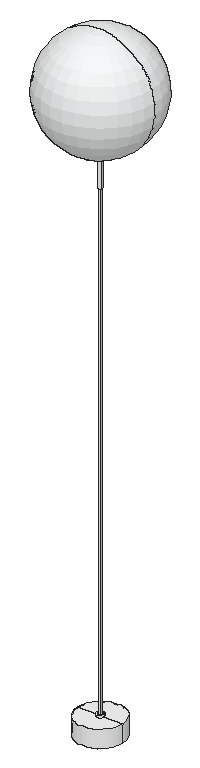
Revit family "56590.1_HOST_FACE", category Lighting Fixtures, host Face, Revit 2015
Parameters (values of type "Pendant Luminaires")
  Wattage = 20.7618 W
  built-in parameter 1150110 = 1 (stored number, unit not read)
  URL = "www.bega-us.com"
  built-in parameter 1114217 = 1 (stored number, unit not read)
  Tilt Angle = 90.00°
  built-in parameter 1150109 = 1 (stored number, unit not read)
  built-in parameter 1150134 = (empty or 0)
  Telephone = "805.684.0533"
  built-in parameter 1150113 = 1 (stored number, unit not read)
  Photometric Web File = "56590.ies"
  built-in parameter 1150142 = "IESNA:LM-63-1995\r\n[TEST] \r\n[MANUFAC] Glashütte Limburg\r\n[MORE] Converted by LUMCat V \r\n[MORE] 20.04.2015 / M.S.\r\n[LUMCAT] \r\n[LUMINAIRE] 56590\r\n[LAMPCAT] LED  28,5W\r\n[LAMPCAT] LED  28,5W    3084 lm,   34 W\r\n[LAMP] LED  28,5W\r\nTILT=NONE\r\n1 -1 1 73 1 1 1 -1.15 0 -1.15\r\n1 1 34\r\n0 2.5 5 7.5 10 12.5 15 17.5 20 22.5 25 27.5 30 32.5 35 37.5 40 42.5 45 47.5 50 52.5 55 57.5 60 62.5 65 67.5 70 72.5 75 77.5 80 82.5\r\n 85 87.5 90 92.5 95 97.5 100 102.5 105 107.5 110 112.5 115 117.5 120 122.5 125 127.5 130 132.5 135 137.5 140 142.5 145 147.5 150 \r\n152.5 155 157.5 160 162.5 165 167.5 170 172.5 175 177.5 180\r\n0\r\n287.20 287.10 287.00 287.20 287.20 287.30 287.40 287.50 287.60 287.60 287.60 287.70 287.50 287.50 287.30 287.20 287.10 286.90 \r\n286.80 286.40 286.10 285.70 285.10 284.40 283.60 282.60 281.40 280.20 278.80 277.10 275.30 273.30 271.10 268.80 266.20 263.50 \r\n260.70 257.60 254.50 251.10 247.60 243.90 240.10 236.30 232.20 228.20 224.00 219.70 215.40 211.10 206.80 202.50 198.40 194.30 \r\n190.20 186.30 182.50 178.70 175.00 171.60 168.20 165.10 162.20 159.40 156.80 153.80 148.20 138.80 124.30 104.80 78.20 41.20 37.50\r\n"
  Model = "56 590.1"
  Manufacturer = "BEGA-US"
  built-in parameter 1150105 = 245.42 (stored number, unit not read)
  Lumens = 3084 lm
  built-in parameter 1150115 = 1 (stored number, unit not read)
  built-in parameter 1150137 = (empty or 0)
  built-in parameter 1150139 = (empty or 0)
  built-in parameter 1150112 = 1 (stored number, unit not read)
  built-in parameter 1150114 = 1 (stored number, unit not read)
  Lamp = "28.5W LED"
  built-in parameter 1150132 = 2
  built-in parameter 1150102 = (empty or 0)
  built-in parameter 1150107 = 3000 (stored number, unit not read)
  built-in parameter 1150138 = (empty or 0)
  built-in parameter 1150106 = 2.4542 (stored number, unit not read)
  built-in parameter 1150104 = 13.8 (stored number, unit not read)
  Dimming Lamp Color Temperature Shift = <None>
  Description = "Pendant - Sphere"
  Default Elevation = 0' - 0"
  Color Filter = 16777215
  built-in parameter 1114218 = 1 (stored number, unit not read)
  built-in parameter 1150133 = 10 (stored number, unit not read)
Reference planes (in)
  plane 1 "Center (Front/Back)": y = 0
  plane 2: z = 0
  plane 3 "Center (Left/Right)": x = 0
Dimensions and locks (in)
  aligned and locked: plane 2 to host face
  aligned and locked: level to host face
Nested families (in)
  nested 1: "56590.1" at (0, 0, 0), type "56590.1"
Connectors (in)
  electrical at (0, 0, 0)
    settings: on host face, index 1, voltage 0 V, apparent load 0 VA, apparent load phase1 0 VA, apparent load phase2 0 VA, apparent load phase3 0 VA, power factor 1, load classification "Other", number of poles 1, system type 31, power factor state 1, is connector primary yes, connector utility no, sub classification motor no, connector description ""
Definition of nested family "56590.1"
  Reference planes (in)
    plane 1 "Center (Front/Back)": y = 0
    plane 2: z = 0
    plane 3 "Center (Left/Right)": x = 0
  Forms (in)
    Revolve 1, solid
      sketch origin (0, 0, 0) x (1, 0, 0) y (0, 0, 1)
        loop
          line (0, 0) -> (2.8125, 0) -> (2.8125, 2.125) -> (0.4375, 2.125) -> (0.4375, 2.3125) -> (0.375, 2.375) -> (0, 2.375) -> (0, 2.125) -> (0, 2.0625) -> (0.4375, 2.0625) -> (2.75, 2.0625) -> (2.75, 0.0625) -> (0, 0.0625) -> (0, 0)
        axis (0, 2.375) -> (0, 0)
      angle from 0 to 360
    Extrusion 2, solid
      sketch origin (0, 0, 0) x (1, 0, 0) y (0, 1, 0)
        loop
          circle (0, 0) r 0.125
      from 2.375 to 61.42965
    Revolve 3, solid
      sketch origin (0, 0, 0) x (1, 0, 0) y (0, 0, 1)
        loop
          arc (3.1225, 66) -> (6.68487, 73.73065) -> (0, 79) r 6.875
          line (0, 79) -> (0, 78.875)
          arc (0, 78.875) -> (6.56804, 73.6817) -> (3.02948, 66.09302) r 6.75
          line (3.02948, 66.09302) -> (3.1225, 66)
        axis (0, 66) -> (0, 79)
      angle from 0 to 360
    Revolve 4, solid
      sketch origin (0, 0, 0) x (1, 0, 0) y (0, 0, 1)
        loop
          arc (0.25, 65.25455) -> (1.65931, 65.45324) -> (2.9975, 65.93787) r 6.875
          line (2.9975, 65.93787) -> (2.9975, 66) -> (0, 66) -> (0, 61.25) -> (0.25, 61.25) -> (0.25, 65.25455)
        axis (0, 61.25) -> (0, 66)
      angle from 0 to 360
  Dimensions and locks (in)
    aligned and locked: plane 2 to level
Types (5): name | Wattage | built-in parameter 1150134 | Photometric Web File | built-in parameter 1150142 | Model | built-in parameter 1150105 | Lumens | Lamp | built-in parameter 1150107 | built-in parameter 1150106 | Description | Default Elevation
  (no name) | 20.7618 W | (empty or 0) | "56590.ies" | "IESNA:LM-63-1995\r\n[TEST] \r\n[MANUFAC] Glashütte Limburg\r\n[MORE] Converted by LUMCat V \r\n[MORE] 20.04.2015 / M.S.\r\n[LUMCAT] \r\n[LUMINAIRE] 56590\r\n[LAMPCAT] LED  28,5W\r\n[LAMPCAT] LED  28,5W    3084 lm,   34 W\r\n[LAMP] LED  28,5W\r\nTILT=NONE\r\n1 -1 1 73 1 1 1 -1.15 0 -1.15\r\n1 1 34\r\n0 2.5 5 7.5 10 12.5 15 17.5 20 22.5 25 27.5 30 32.5 35 37.5 40 42.5 45 47.5 50 52.5 55 57.5 60 62.5 65 67.5 70 72.5 75 77.5 80 82.5\r\n 85 87.5 90 92.5 95 97.5 100 102.5 105 107.5 110 112.5 115 117.5 120 122.5 125 127.5 130 132.5 135 137.5 140 142.5 145 147.5 150 \r\n152.5 155 157.5 160 162.5 165 167.5 170 172.5 175 177.5 180\r\n0\r\n287.20 287.10 287.00 287.20 287.20 287.30 287.40 287.50 287.60 287.60 287.60 287.70 287.50 287.50 287.30 287.20 287.10 286.90 \r\n286.80 286.40 286.10 285.70 285.10 284.40 283.60 282.60 281.40 280.20 278.80 277.10 275.30 273.30 271.10 268.80 266.20 263.50 \r\n260.70 257.60 254.50 251.10 247.60 243.90 240.10 236.30 232.20 228.20 224.00 219.70 215.40 211.10 206.80 202.50 198.40 194.30 \r\n190.20 186.30 182.50 178.70 175.00 171.60 168.20 165.10 162.20 159.40 156.80 153.80 148.20 138.80 124.30 104.80 78.20 41.20 37.50\r\n" | "56 590.1" | 245.42 (stored number, unit not read) | 3084 lm | "28.5W LED" | 3000 (stored number, unit not read) | 2.4542 (stored number, unit not read) | "Pendant - Sphere" | 0' - 0"
  Wall Luminaires - Directed Light | 18.4392 W | (empty or 0) | "generic" | (empty or 0) | "2260LED" | 217.96 (stored number, unit not read) | 2739 lm | "44.6W LED" | 3000 (stored number, unit not read) | 2.1796 (stored number, unit not read) | "Surface wall with cutoff optics" | 6' - 0"
  Wall Luminaires - Linear | 9.92985 W | 9 | "generic" | (empty or 0) | "4425P" | 117.38 (stored number, unit not read) | 1475 lm | "(1) 39W CF twin-4-p" | 3450 (stored number, unit not read) | 1.1738 (stored number, unit not read) | "Suface wall - linear with white acrylic diffuser" | 6' - 0"
  Ceiling and Wall Luminaires - Unshielded | 2.66591 W | (empty or 0) | "33508.ies" | "IESNA:LM-63-2002\r\n[TEST] L05135312R01\r\n[TESTLAB] LIGHT LABORATORY, INC.\r\n[ISSUEDATE] 06/03/2013\r\n[MANUFAC] BEGA US\r\n[LUMCAT] 33 508\r\n[LUMINAIRE] 8-1/4\"DIA. X 4-3/4\"H. SURFACE WALL LED FIXTURE\r\n[MORE] CRYSTAL GLASS WITH INTERNAL TEXTURE\r\n[MORE] DIE CAST ALUMINIUM COVER TOP\r\n[BALLASTCAT] INVENTRONICS LUC-012S035DSM\r\n[BALLAST] INPUT:100-277VAC, 0.2A, 50/60HZ OUTPUT:17-34VDC, 0.035-0.35A\r\n[LAMPPOSITION] 0,0\r\n[LAMPCAT] N/A\r\n[OTHER] INDICATING THE CANDELA VALUES ARE ABSOLUTE AND\r\n[MORE] SHOULD NOT BE FACTORED FOR DIFFERENT LAMP RATINGS.\r\n[_INPUT] 120VAC, 9.69W\r\n[_TEST PROCEDURE] IESNA:LM-79-08\r\nTILT=NONE\r\n1 -1 1 73 145 1 1 -0.65 -0.65 0.21\r\n1 1 9.69\r\n0 2.5 5 7.5 10 12.5 15 17.5 20 22.5 25 27.5 30 32.5 35 37.5 40 42.5 45 47.5 50 52.5 55 57.5 60 62.5 65 67.5 70 72.5 75 77.5 80 82.5 85 87.5 90 92.5 95 97.5 100 102.5 105 107.5 110 112.5 115 117.5 120 122.5 125 127.5 130 132.5 135 137.5 140 142.5 145 147.5\r\n 150 152.5 155 157.5 160 162.5 165 167.5 170 172.5 175 177.5 180\r\n0 2.5 5 7.5 10 12.5 15 17.5 20 22.5 25 27.5 30 32.5 35 37.5 40 42.5 45 47.5 50 52.5 55 57.5 60 62.5 65 67.5 70 72.5 75 77.5 80 82.5 85 87.5 90 92.5 95 97.5 100 102.5 105 107.5 110 112.5 115 117.5 120 122.5 125 127.5 130 132.5 135 137.5 140 142.5 145 147.5\r\n 150 152.5 155 157.5 160 162.5 165 167.5 170 172.5 175 177.5 180 182.5 185 187.5 190 192.5 195 197.5 200 202.5 205 207.5 210 212.5 215 217.5 220 222.5 225 227.5 230 232.5 235 237.5 240 242.5 245 247.5 250 252.5 255 257.5 260 262.5 265 267.5 270 272.5 275 \r\n277.5 280 282.5 285 287.5 290 292.5 295 297.5 300 302.5 305 307.5 310 312.5 315 317.5 320 322.5 325 327.5 330 332.5 335 337.5 340 342.5 345 347.5 350 352.5 355 357.5 360\r\n0.99 1.69 2.39 4.97 7.54 11.07 14.60 18.59 22.58 26.38 30.18 33.83 37.48 40.95 44.41 47.75 51.09 54.11 57.13 59.94 62.75 65.23 67.70 69.92 72.13 73.96 75.78 77.27 78.75 79.91 81.07 81.96 82.84 83.46 84.07 84.22 84.36 84.66 84.96 85.40 85.84 86.25 86.66 \r\n86.97 87.28 87.42 87.55 87.38 87.21 86.65 86.08 85.15 84.21 82.86 81.51 79.83 78.14 76.04 73.94 71.52 69.10 66.39 63.67 60.61 57.54 54.10 50.65 47.21 43.76 40.59 37.41 35.06 32.00\r\n0.99 1.69 2.39 4.96 7.54 11.05 14.60 18.56 22.58 26.35 30.18 33.79 37.48 40.90 44.42 47.70 51.08 54.04 57.12 59.88 62.77 65.17 67.70 69.86 72.17 73.90 75.70 77.20 78.68 79.85 80.99 81.89 82.77 83.41 83.99 84.24 84.45 84.73 85.05 85.45 85.88 86.26 86.64 \r\n86.97 87.29 87.44 87.57 87.39 87.21 86.61 86.06 85.10 84.20 82.82 81.50 79.77 78.11 75.99 73.93 71.48 69.10 66.35 63.67 60.57 57.54 54.07 50.64 47.19 43.76 40.57 37.41 35.06 32.00\r\n0.99 1.69 2.39 4.93 7.54 11.00 14.60 18.48 22.57 26.24 30.03 33.67 37.29 40.76 44.22 47.53 50.83 53.85 56.85 59.68 62.50 64.97 67.40 69.65 71.87 73.72 75.50 77.01 78.47 79.66 80.77 81.72 82.55 83.26 83.78 84.24 84.53 84.83 85.17 85.57 85.94 86.30 86.66 \r\n87.00 87.28 87.42 87.49 87.32 87.09 86.53 85.91 85.00 84.04 82.71 81.34 79.65 77.94 75.87 73.78 71.38 68.96 66.26 63.54 60.49 57.53 53.99 50.64 47.13 43.76 40.55 37.41 35.05 32.00\r\n0.99 1.68 2.39 4.90 7.54 10.92 14.41 18.34 22.28 26.07 29.85 33.46 37.06 40.52 43.96 47.26 50.53 53.55 56.53 59.36 62.15 64.65 67.04 69.29 71.47 73.36 75.11 76.68 78.11 79.37 80.44 81.44 82.26 83.01 83.59 84.05 84.46 84.84 85.24 85.63 85.99 86.38 86.68 \r\n87.01 87.24 87.40 87.41 87.25 86.95 86.39 85.74 84.85 83.85 82.52 81.13 79.46 77.73 75.68 73.59 71.21 68.79 66.10 63.38 60.35 57.28 53.87 50.45 47.05 43.75 40.50 37.41 35.04 32.00\r\n0.99 1.68 2.39 4.84 7.38 10.80 14.27 18.15 22.06 25.83 29.58 33.18 36.75 40.19 43.59 46.87 50.11 53.14 56.08 58.91 61.66 64.19 66.55 68.80 70.93 72.90 74.62 76.24 77.62 79.03 80.04 81.08 81.93 82.66 83.33 83.88 84.39 84.81 85.21 85.61 86.00 86.36 86.68 \r\n87.02 87.18 87.33 87.26 87.11 86.73 86.22 85.50 84.62 83.56 82.26 80.85 79.21 77.45 75.42 73.31 70.96 68.54 65.89 63.16 60.15 57.09 53.70 50.31 46.93 43.56 40.44 37.41 35.02 32.00\r\n0.99 1.67 2.35 4.78 7.29 10.65 14.09 17.90 21.78 25.52 29.24 32.81 36.35 39.77 43.13 46.38 49.57 52.62 55.53 58.34 61.03 63.60 65.92 68.17 70.26 72.33 73.98 75.66 77.09 78.40 79.61 80.59 81.52 82.34 83.00 83.61 84.15 84.63 85.08 85.53 85.92 86.27 86.63 \r\n86.87 87.06 87.16 87.05 86.92 86.45 85.96 85.18 84.32 83.19 81.92 80.47 78.88 77.10 75.10 72.97 70.64 68.21 65.59 62.87 59.90 56.84 53.48 50.12 46.77 43.45 40.35 37.30 35.00 32.00\r\n0.99 1.66 2.34 4.70 7.18 10.46 13.86 17.60 21.43 25.15 28.82 32.37 35.86 39.25 42.56 45.80 48.95 52.01 54.85 57.66 60.30 62.92 65.17 67.43 69.50 71.51 73.33 74.94 76.49 77.78 79.02 80.12 81.02 81.87 82.64 83.32 83.90 84.42 84.88 85.34 85.74 86.15 86.43 \r\n86.66 86.88 86.84 86.77 86.52 86.08 85.56 84.78 83.96 82.75 81.52 80.03 78.47 76.64 74.69 72.55 70.25 67.82 65.24 62.52 59.58 56.53 53.22 49.90 46.59 43.31 40.25 37.25 34.98 32.00\r\n0.99 1.66 2.32 4.60 7.06 10.24 13.60 17.25 21.04 24.72 28.33 31.85 35.28 38.65 41.90 45.11 48.21 51.28 54.07 56.84 59.44 62.01 64.35 66.55 68.67 70.62 72.57 74.17 75.72 77.13 78.34 79.47 80.58 81.39 82.15 82.88 83.50 84.07 84.58 85.08 85.52 85.84 86.13 \r\n86.41 86.47 86.46 86.40 86.04 85.64 85.02 84.27 83.38 82.23 80.99 79.50 77.99 76.12 74.21 72.04 69.80 67.37 64.83 62.11 59.22 56.17 52.91 49.64 46.37 43.16 40.14 37.19 34.95 32.00\r\n0.99 1.65 2.30 4.49 6.91 9.99 13.30 16.85 20.58 24.22 27.76 31.25 34.62 37.96 41.15 44.32 47.36 50.37 53.16 55.88 58.50 61.00 63.44 65.59 67.71 69.68 71.57 73.39 74.87 76.30 77.66 78.77 79.81 80.77 81.62 82.42 83.10 83.69 84.20 84.68 85.06 85.44 85.79 \r\n85.92 85.99 86.02 85.78 85.48 85.07 84.39 83.70 82.70 81.60 80.34 78.90 77.34 75.51 73.65 71.47 69.28 66.84 64.37 61.64 58.80 55.76 52.55 49.34 46.13 42.97 40.00 37.12 34.92 32.00\r\n0.99 1.63 2.28 4.37 6.75 9.71 12.96 16.41 20.06 23.66 27.13 30.58 33.89 37.17 40.30 43.41 46.42 49.35 52.17 54.82 57.44 59.91 62.33 64.55 66.63 68.68 70.53 72.31 73.99 75.40 76.73 77.98 79.10 80.03 80.90 81.73 82.44 83.06 83.62 84.13 84.59 84.90 85.18 \r\n85.32 85.45 85.30 85.09 84.85 84.29 83.69 82.92 81.93 80.92 79.57 78.21 76.59 74.82 72.93 70.85 68.68 66.26 63.83 61.11 58.33 55.30 52.15 49.00 45.85 42.77 39.85 37.05 34.88 32.00\r\n0.99 1.62 2.25 4.23 6.56 9.39 12.58 15.91 19.49 23.05 26.44 29.83 33.07 36.27 39.37 42.41 45.39 48.24 51.08 53.66 56.26 58.74 61.10 63.45 65.49 67.49 69.42 71.13 72.82 74.43 75.75 76.97 78.12 79.17 80.11 81.03 81.78 82.41 82.96 83.43 83.84 84.17 84.46 \r\n84.66 84.59 84.46 84.32 83.94 83.45 82.89 82.01 81.08 79.99 78.74 77.41 75.75 74.06 72.15 70.12 67.98 65.62 63.21 60.52 57.81 54.78 51.70 48.62 45.54 42.54 39.68 36.96 34.84 32.00\r\n0.99 1.61 2.22 4.08 6.36 9.05 12.16 15.36 18.86 22.35 25.68 28.98 32.18 35.30 38.36 41.31 44.26 47.05 49.79 52.47 54.99 57.48 59.81 62.09 64.30 66.25 68.13 69.94 71.57 73.11 74.56 75.95 77.08 78.13 79.07 80.00 80.75 81.43 82.03 82.54 83.01 83.40 83.56 \r\n83.64 83.64 83.58 83.30 82.97 82.56 81.82 81.02 80.13 78.99 77.81 76.42 74.83 73.19 71.30 69.34 67.17 64.92 62.50 59.87 57.21 54.22 51.21 48.21 45.20 42.30 39.49 36.87 34.79 32.00\r\n0.99 1.59 2.19 3.91 6.14 8.68 11.71 14.76 18.17 21.58 24.86 28.07 31.21 34.24 37.25 40.14 43.00 45.76 48.47 51.15 53.64 56.08 58.44 60.68 62.86 64.98 66.80 68.54 70.23 71.77 73.20 74.56 75.80 76.96 77.98 79.01 79.72 80.49 81.03 81.51 81.91 82.21 82.42 \r\n82.57 82.59 82.43 82.21 81.95 81.38 80.69 79.97 78.98 77.93 76.78 75.34 73.86 72.17 70.37 68.49 66.32 64.13 61.73 59.18 56.52 53.61 50.69 47.76 44.83 42.03 39.29 36.77 34.74 32.00\r\n0.99 1.58 2.16 3.74 5.91 8.27 11.23 14.17 17.44 20.75 23.97 27.08 30.26 33.10 36.03 38.89 41.65 44.41 47.05 49.65 52.26 54.60 56.95 59.20 61.33 63.39 65.39 67.12 68.74 70.29 71.79 73.15 74.39 75.53 76.56 77.51 78.32 79.05 79.68 80.20 80.64 80.99 81.22 \r\n81.31 81.31 81.22 81.06 80.61 80.09 79.50 78.68 77.79 76.80 75.55 74.20 72.77 71.09 69.36 67.47 65.41 63.36 60.88 58.43 55.77 52.96 50.12 47.28 44.43 41.73 39.08 36.67 34.69 32.00\r\n0.99 1.56 2.13 3.55 5.66 7.84 10.71 13.57 16.65 19.86 23.02 26.03 29.01 31.90 34.74 37.68 40.24 42.93 45.54 48.12 50.66 53.12 55.37 57.58 59.71 61.72 63.64 65.50 67.24 68.75 70.19 71.55 72.83 74.02 75.10 76.12 76.92 77.71 78.29 78.80 79.21 79.54 79.78 \r\n79.94 80.00 79.84 79.55 79.19 78.77 78.08 77.32 76.49 75.46 74.25 73.01 71.51 69.94 68.40 66.38 64.44 62.30 59.98 57.64 54.98 52.26 49.52 46.77 44.00 41.42 38.84 36.55 34.63 32.00\r\n0.99 1.54 2.09 3.35 5.39 7.43 10.16 12.92 15.82 18.91 21.98 24.91 27.79 30.64 33.38 36.09 38.80 41.38 43.97 46.51 48.98 51.42 53.74 55.87 57.95 59.97 61.85 63.65 65.39 67.03 68.57 69.90 71.14 72.30 73.37 74.34 75.24 75.98 76.62 77.17 77.64 78.02 78.31 \r\n78.38 78.35 78.20 77.99 77.69 77.18 76.58 75.90 75.01 74.00 72.91 71.63 70.19 68.71 67.06 65.23 63.38 61.26 59.04 56.72 54.14 51.51 48.87 46.22 43.56 41.09 38.60 36.43 34.57 32.00\r\n0.99 1.52 2.05 3.13 5.11 7.08 9.58 12.24 14.94 17.92 20.87 23.74 26.51 29.28 31.95 34.60 37.24 39.78 42.31 44.79 47.24 49.59 51.90 54.10 56.12 58.07 59.95 61.77 63.45 65.05 66.56 67.97 69.28 70.50 71.60 72.66 73.55 74.34 74.92 75.45 75.90 76.23 76.44 \r\n76.56 76.61 76.54 76.28 75.94 75.51 75.04 74.26 73.40 72.47 71.44 70.14 68.81 67.36 65.73 64.03 62.18 60.15 58.04 55.72 53.26 50.73 48.20 45.65 43.12 40.74 38.34 36.30 34.51 32.00\r\n0.99 1.50 2.01 2.91 4.81 6.70 8.96 11.53 14.08 16.87 19.70 22.66 25.18 27.84 30.47 33.04 35.57 38.14 40.58 43.00 45.40 47.70 49.92 52.10 54.19 56.14 57.96 59.72 61.41 63.03 64.53 65.93 67.23 68.42 69.52 70.51 71.42 72.19 72.86 73.43 73.92 74.30 74.57 \r\n74.69 74.71 74.62 74.44 74.17 73.78 73.18 72.50 71.73 70.83 69.75 68.60 67.35 65.89 64.35 62.77 60.90 58.98 57.12 54.66 52.32 49.91 47.48 45.04 42.66 40.37 38.06 36.17 34.44 32.00\r\n0.99 1.48 1.97 2.68 4.50 6.31 8.32 10.78 13.22 15.77 18.48 21.16 23.80 26.33 28.89 31.41 33.86 36.35 38.78 41.14 43.43 45.71 47.89 50.01 52.04 54.02 55.92 57.63 59.27 60.83 62.32 63.74 65.07 66.28 67.40 68.46 69.29 70.13 70.77 71.35 71.83 72.20 72.46 \r\n72.61 72.68 72.66 72.54 72.21 71.79 71.28 70.69 69.89 69.02 68.04 67.01 65.70 64.36 62.93 61.31 59.58 57.76 55.77 53.57 51.33 49.06 46.74 44.40 42.17 39.98 37.77 36.03 34.37 32.00\r\n0.99 1.46 1.93 2.43 4.17 5.91 7.65 10.00 12.33 14.66 17.21 19.78 22.33 24.77 27.24 29.67 32.11 34.48 36.86 39.20 41.43 43.60 45.75 47.87 49.85 51.73 53.57 55.32 57.01 58.61 60.06 61.42 62.70 63.90 65.05 66.07 66.96 67.75 68.45 69.06 69.56 69.96 70.29 \r\n70.50 70.56 70.50 70.35 70.11 69.77 69.32 68.65 67.91 67.14 66.28 65.19 64.02 62.78 61.38 59.81 58.21 56.47 54.49 52.43 50.33 48.17 45.96 43.74 41.67 39.58 37.47 35.88 34.30 32.00\r\n0.99 1.44 1.88 2.32 3.84 5.48 7.12 9.18 11.40 13.59 15.90 18.34 20.76 23.19 25.54 27.87 30.27 32.56 34.88 37.12 39.33 41.45 43.51 45.52 47.49 49.39 51.17 52.87 54.51 56.08 57.56 58.94 60.24 61.46 62.68 63.78 64.63 65.47 66.10 66.70 67.18 67.57 67.88 68.09\r\n 68.19 68.22 68.15 67.95 67.57 67.11 66.53 65.89 65.17 64.32 63.33 62.31 61.07 59.70 58.25 56.77 55.02 53.16 51.26 49.26 47.24 45.16 43.10 41.14 39.16 37.22 35.72 34.22 32.00\r\n0.99 1.41 1.83 2.25 3.49 5.04 6.59 8.34 10.43 12.50 14.69 16.86 19.14 21.49 23.78 26.05 28.32 30.60 32.86 35.01 37.12 39.18 41.32 43.13 45.01 46.84 48.60 50.33 51.97 53.51 54.94 56.29 57.57 58.77 59.95 60.98 61.89 62.69 63.41 64.05 64.57 65.00 65.38 65.65\r\n 65.80 65.81 65.73 65.53 65.25 64.87 64.48 63.75 63.06 62.31 61.45 60.42 59.23 57.98 56.66 55.16 53.53 51.80 50.16 48.17 46.27 44.33 42.44 40.60 38.72 36.98 35.56 34.14 32.00\r\n0.99 1.39 1.78 2.18 3.12 4.59 6.05 7.57 9.44 11.38 13.32 15.33 17.49 19.72 21.91 24.17 26.33 28.52 30.69 32.85 34.85 36.84 38.76 40.65 42.48 44.26 45.96 47.63 49.22 50.75 52.19 53.55 54.83 56.04 57.20 58.27 59.14 60.00 60.69 61.35 61.89 62.33 62.71 62.98 \r\n63.13 63.21 63.20 63.09 62.89 62.51 62.07 61.53 60.94 60.28 59.39 58.40 57.35 56.21 54.93 53.48 52.00 50.40 48.77 47.06 45.28 43.56 41.77 40.04 38.27 36.73 35.40 34.06 32.00\r\n0.99 1.36 1.73 2.10 2.75 4.12 5.49 6.84 8.41 10.23 12.05 13.86 15.81 17.90 19.99 22.17 24.29 26.37 28.42 30.48 32.48 34.45 36.29 38.10 39.85 41.57 43.25 44.89 46.45 47.92 49.34 50.69 51.94 53.14 54.28 55.30 56.22 57.03 57.77 58.44 59.01 59.50 59.91 60.24 \r\n60.46 60.57 60.59 60.50 60.33 60.06 59.73 59.30 58.71 58.00 57.23 56.36 55.43 54.29 53.08 51.77 50.41 48.97 47.47 45.91 44.26 42.67 41.07 39.46 37.81 36.47 35.23 33.97 32.00\r\n0.99 1.34 1.68 2.03 2.38 3.64 4.91 6.17 7.42 9.05 10.75 12.43 14.18 16.04 18.04 20.09 22.15 24.17 26.11 28.06 29.96 31.85 33.69 35.58 37.18 38.82 40.43 42.00 43.52 44.97 46.39 47.73 48.99 50.19 51.34 52.41 53.29 54.14 54.84 55.51 56.09 56.59 57.02 57.38 \r\n57.60 57.76 57.85 57.86 57.76 57.65 57.24 56.81 56.30 55.70 55.04 54.25 53.31 52.29 51.20 50.04 48.81 47.52 46.15 44.74 43.24 41.83 40.36 38.86 37.36 36.20 35.05 33.88 32.00\r\n0.99 1.31 1.63 1.95 2.27 3.15 4.32 5.48 6.63 7.84 9.41 10.96 12.61 14.24 16.05 17.96 19.98 21.94 23.78 25.74 27.40 29.17 30.93 32.64 34.32 35.95 37.56 39.08 40.55 41.95 43.31 44.60 45.81 46.98 48.10 49.15 50.12 50.95 51.70 52.39 53.00 53.53 54.00 54.43 \r\n54.72 54.93 55.07 55.09 54.98 54.81 54.58 54.28 53.87 53.51 52.69 51.95 51.13 50.25 49.29 48.28 47.18 46.04 44.80 43.54 42.26 40.97 39.63 38.25 36.98 35.93 34.87 33.79 32.00\r\n0.99 1.28 1.57 1.87 2.17 2.65 3.71 4.78 5.83 6.88 8.05 9.48 11.01 12.51 14.17 15.93 17.80 19.71 21.41 23.07 24.78 26.45 28.13 29.76 31.36 32.91 34.47 35.96 37.41 38.80 40.14 41.40 42.59 43.74 44.85 45.96 46.95 47.82 48.55 49.24 49.86 50.40 50.89 51.33 \r\n51.64 51.86 52.02 52.11 52.10 52.04 51.91 51.67 51.26 50.79 50.24 49.63 48.93 48.32 47.37 46.51 45.54 44.53 43.43 42.38 41.27 40.10 38.89 37.63 36.62 35.66 34.69 33.70 32.00\r\n0.99 1.26 1.52 1.78 2.05 2.32 3.10 4.06 5.01 5.96 6.92 7.98 9.38 10.79 12.33 13.87 15.66 17.48 18.98 20.51 22.13 23.70 25.29 26.84 28.36 29.85 31.35 32.79 34.18 35.53 36.83 38.06 39.23 40.36 41.44 42.48 43.46 44.31 45.09 45.83 46.49 47.07 47.60 48.09 \r\n48.47 48.76 48.98 49.11 49.13 49.09 48.98 48.81 48.52 48.19 47.76 47.31 46.72 46.12 45.43 44.70 43.87 43.00 42.13 41.23 40.26 39.21 38.13 37.08 36.24 35.38 34.50 33.61 32.00\r\n0.99 1.23 1.46 1.70 1.94 2.18 2.47 3.33 4.18 5.03 5.89 6.80 7.77 9.04 10.46 11.90 13.50 15.08 16.52 17.94 19.44 20.92 22.42 23.88 25.30 26.72 28.15 29.54 30.89 32.20 33.47 34.69 35.85 36.97 38.14 39.05 39.97 40.85 41.74 42.39 43.09 43.69 44.24 44.74 45.14\r\n 45.46 45.70 45.88 45.99 46.04 46.02 45.93 45.77 45.58 45.29 44.94 44.52 44.03 43.48 42.87 42.21 41.56 40.84 40.07 39.23 38.31 37.36 36.60 35.86 35.09 34.31 33.51 32.00\r\n0.99 1.20 1.40 1.61 1.83 2.03 2.24 2.59 3.34 4.09 4.84 5.67 6.55 7.52 8.65 9.87 11.27 12.68 14.03 15.39 16.78 18.15 19.53 20.89 22.22 23.56 24.91 26.24 27.53 28.79 30.00 31.18 32.30 33.42 34.48 35.40 36.26 37.13 37.96 38.73 39.44 40.08 40.67 41.21 41.68 \r\n42.06 42.39 42.65 42.85 43.00 43.08 43.12 43.09 43.00 42.83 42.60 42.30 41.93 41.60 41.12 40.66 40.12 39.54 38.89 38.19 37.40 36.75 36.12 35.47 34.80 34.12 33.42 32.00\r\n0.99 1.17 1.35 1.53 1.71 1.89 2.07 2.24 2.48 3.13 3.78 4.52 5.30 6.20 7.15 8.16 9.18 10.26 11.52 12.80 14.09 15.38 16.65 17.92 19.17 20.43 21.68 22.93 24.16 25.36 26.52 27.65 28.75 29.86 31.02 31.79 32.54 33.47 34.39 35.09 35.82 36.49 37.13 37.73 38.27 \r\n38.73 39.14 39.49 39.79 40.02 40.20 40.34 40.42 40.42 40.36 40.24 40.12 39.95 39.72 39.43 39.09 38.68 38.22 37.71 37.15 36.65 36.17 35.63 35.08 34.50 33.92 33.32 32.00\r\n0.99 1.14 1.29 1.44 1.59 1.74 1.89 2.04 2.19 2.35 2.71 3.36 4.04 4.85 5.71 6.63 7.56 8.52 9.49 10.52 11.56 12.61 13.74 14.93 16.11 17.29 18.45 19.62 20.77 21.90 23.01 24.10 25.15 26.24 27.30 28.20 29.06 29.95 30.80 31.59 32.34 33.04 33.71 34.35 34.94 \r\n35.46 35.94 36.35 36.73 37.04 37.32 37.58 37.81 37.95 38.05 38.10 38.10 38.03 37.92 37.74 37.53 37.23 36.90 36.60 36.33 35.96 35.58 35.13 34.68 34.21 33.72 33.22 32.00\r\n0.99 1.11 1.23 1.35 1.47 1.59 1.71 1.83 1.95 2.09 2.23 2.49 2.78 3.49 4.25 5.08 5.91 6.79 7.67 8.61 9.55 10.53 11.51 12.51 13.51 14.53 15.54 16.57 17.58 18.60 19.61 20.61 21.60 22.74 23.74 24.65 25.58 26.46 27.35 28.22 28.91 29.65 30.37 31.07 31.74 32.33 \r\n32.90 33.42 33.90 34.34 34.75 35.10 35.41 35.63 35.82 35.9
